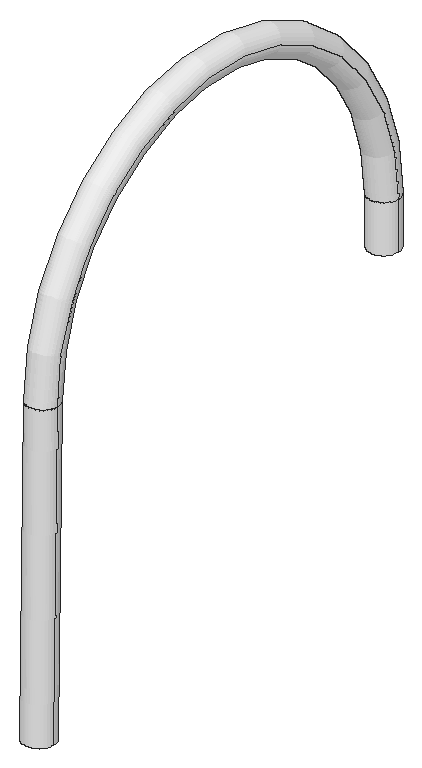
Revit family "Deca_Misturador monocomando de mesa para cozinha_Spin Gourmet_2281", category Plumbing Fixtures, host Face, Revit 2019
Family settings
  Host = Face
  Round Connector Dimension = Use Radius
  Part Type = Normal
  Cut with Voids When Loaded = No
  Shared = No
  Room Calculation Point = No
Parameters (values of type "2281.C_Cromado")
  Vazão na Pressão mín. (L/min) = "5 l/min"
  Vazão na Pressão máx. (L/min) = "10 l/min"
  URL = "www.deca.com.br"
  Tipo de rosca de saída = "-"
  Tipo de rosca de entrada = "BSP NBR 8133"
  Tipo de mecanismo utilizado = "Cartucho Monocomando"
  Tipo de dispositivo economizador = "Não"
  Segmento = "Banheiro Luxo"
  Saída de Esgoto = "-"
  Raio Água Quente = 7.5 mm  # constant formula
  Raio Água Fria = 7.5 mm  # constant formula
  Pressão mín. funcionamento = "10 MCA"
  Pressão mín. Aquec. Passagem = "18 MCA"
  Pressão mín. Aquec. Acúmulo = "10 MCA"
  Pressão máx. funcionamento = "40 MCA"
  Peso Líquido (Kg) = 3.52
  Norma = "Não Possui"
  Model = "2281.C"
  Material = Deca_Cromado
  Manufacturer = "Deca"
  Linha = "Spin Gorumet"
  Itens de Instalação = "-"
  Informações Complementares = "-"
  Diâmetro Água Quente = 2 * Raio Água Quente  # 15 mm
  Diâmetro Água Fria = 2 * Raio Água Fria  # 15 mm
  Description = "Misturador monocomando de mesa para cozinha"
  Default Elevation = 0 mm
  Código Pai = "2281"
  Criado por = "quattroD"
  Cores Componente = "-"
  Cor Secundária = "-"
  Cor Principal = "Cromado"
  Cor Interna = "-"
  Consumo = "-"
  Composição Componente = "-"
  Composição Básica = "Liga de Cobre (bronze e latão),Plásticos de Engenharia,Elastômeros"
  Composição Assento = "-"
  Composição Anel Vedação = "-"
  Categoria = "METAIS PARA COZINHA"
  Atendimento ao Cliente = "0800-0117073"
  Aprovado por = "quattroD"
  Acompanha o Produto = "Acompanha Ligação Flexivel"
Reference planes
  plane 1 "Center (Front/Back)": y = 0
  plane 2: z = 0
  plane 3 "Center (Left/Right)": x = 0
  plane 4: x = 28.499
  plane 5: x = -28.501
  plane 6: y = 28.5
  plane 7: y = -28.5
  plane 8: y = -202.451
Forms (mm)
  Sweep 1, solid, material "Deca_Cromado" <- "Material"
    path in 3D
      loop
        arc (0.073, -184.251, 438.123) -> (0.268, -89.001, 533.373) -> (0.464, 6.249, 438.123) r 95.25
    profile origin (0.268, -89.001, 533.373) x (-0.999998, 0.002054, 0) y (0, 0, 1)
      loop
        circle (0, -6.243) r 6.243
  Extrusion 2, solid, material "Deca_Cromado" <- "Material"
    sketch origin (0.464, 6.249, 438.123) x (0.999998, -0.002054, 0) y (-0.002054, -0.999998, 0)
      loop
        circle (0, 6.243) r 6.243
    from 0 to 19.898
  Sweep 3, solid, material "Deca_Cromado" <- "Material"
    path origin (0, 0, 0) x (0, 1, 0) y (0, 0, 1)
      loop
        line (-171.764, 438.123) -> (-173.698, 312.037)
    profile origin (0, -172.731, 375.08) x (0, 0.999882, -0.015332) y (1, 0, 0)
      loop
        spline (-6.255, 6.328) -> (-7.87, 6.112) -> (-9.374, 5.486) -> (-10.665, 4.491) -> (-11.654, 3.196) -> (-12.275, 1.689) -> (-12.484, 0.073) -> (-12.268, -1.543) -> (-11.642, -3.047) -> (-10.647, -4.338) -> (-9.352, -5.328) -> (-7.845, -5.948) -> (-6.229, -6.158)
        spline (-6.229, -6.158) -> (-4.614, -5.942) -> (-3.11, -5.315) -> (-1.819, -4.32) -> (-0.83, -3.025) -> (-0.209, -1.518) -> (0, 0.098) -> (-0.216, 1.714) -> (-0.843, 3.218) -> (-1.837, 4.509) -> (-3.132, 5.498) -> (-4.639, 6.119) -> (-6.255, 6.328)
Lines and regions (mm)
  Masking region 1
    outline origin (-528.113, -262.379, 0) x (1, 0, 0) y (0, 1, 0)
      loop
        line (522.181, 155.753) -> (522.085, 150.633)
        spline (522.085, 150.633) -> (518.373, 150.371) -> (516.618, 149.991) -> (515.439, 149.474) -> (514.538, 148.77) -> (513.944, 147.805) -> (513.817, 146.658) -> (514.239, 145.59) -> (514.958, 144.732) -> (516.016, 144.115) -> (517.442, 143.69) -> (519.182, 143.366) -> (522.069, 143.222)
        line (522.069, 143.222) -> (522.069, 141.107)
        spline (522.069, 141.107) -> (518.968, 140.461) -> (517.145, 139.867) -> (515.954, 139.25) -> (515.082, 138.602) -> (514.403, 137.889) -> (513.971, 136.926) -> (513.818, 135.784) -> (513.943, 134.744) -> (514.422, 133.818) -> (515.332, 132.936) -> (516.766, 132.028) -> (519.162, 131.29)
        spline (519.162, 131.29) -> (517.266, 130.34) -> (516.047, 129.584) -> (515.306, 128.942) -> (514.844, 128.332) -> (514.49, 127.684) -> (514.223, 126.978) -> (514.068, 126.211) -> (514.051, 125.377) -> (514.21, 124.467) -> (514.619, 123.456) -> (515.358, 122.319) -> (516.504, 121.027)
        spline (516.504, 121.027) -> (515.726, 120.164) -> (515.159, 119.393) -> (514.768, 118.692) -> (514.513, 118.037) -> (514.357, 117.406) -> (514.263, 116.775) -> (514.206, 116.122) -> (514.208, 115.425) -> (514.302, 114.664) -> (514.519, 113.817) -> (514.892, 112.863) -> (515.452, 111.782)
        spline (515.452, 111.782) -> (514.583, 110.227) -> (514.025, 108.917) -> (513.852, 107.709) -> (513.986, 106.564) -> (514.246, 105.519) -> (514.477, 104.598) -> (514.601, 103.795) -> (514.564, 103.073) -> (514.377, 102.251) -> (514.093, 101.083) -> (513.95, 99.167) -> (514.289, 96.015)
        spline (514.289, 96.015) -> (514.07, 94.603) -> (513.952, 93.512) -> (513.897, 92.654) -> (513.867, 91.944) -> (513.824, 91.292) -> (513.73, 90.614) -> (513.569, 89.839) -> (513.365, 88.931) -> (513.144, 87.858) -> (512.933, 86.586) -> (512.759, 85.081) -> (512.649, 83.311)
        arc (512.649, 83.311) -> (530.43, 59.928) -> (543.881, 86.044) r 17.367
        arc (543.881, 86.044) -> (544.214, 89.635) -> (543.683, 93.202) r 15.035
        arc (543.683, 93.202) -> (544.055, 96.317) -> (543.498, 99.404) r 10.586
        spline (543.498, 99.404) -> (543.611, 99.888) -> (543.703, 100.412) -> (543.773, 100.972) -> (543.819, 101.565) -> (543.842, 102.184) -> (543.839, 102.827) -> (543.811, 103.489) -> (543.756, 104.165) -> (543.674, 104.852) -> (543.564, 105.544) -> (543.425, 106.238) -> (543.255, 106.93)
        spline (543.255, 106.93) -> (543.531, 107.778) -> (543.711, 108.527) -> (543.814, 109.202) -> (543.858, 109.824) -> (543.86, 110.418) -> (543.837, 111.006) -> (543.799, 111.611) -> (543.727, 112.249) -> (543.603, 112.938) -> (543.406, 113.695) -> (543.116, 114.536) -> (542.713, 115.48)
        spline (542.713, 115.48) -> (543.154, 116.545) -> (543.483, 117.383) -> (543.695, 118.113) -> (543.796, 118.812) -> (543.812, 119.49) -> (543.772, 120.148) -> (543.692, 120.794) -> (543.569, 121.45) -> (543.395, 122.138) -> (543.153, 122.899) -> (542.782, 123.851) -> (542.211, 125.131)
        spline (542.211, 125.131) -> (542.797, 126.522) -> (543.176, 127.696) -> (543.393, 128.685) -> (543.492, 129.522) -> (543.516, 130.239) -> (543.478, 130.877) -> (543.383, 131.484) -> (543.231, 132.103) -> (543.022, 132.781) -> (542.689, 133.551) -> (542.123, 134.44) -> (541.214, 135.476)
        spline (541.214, 135.476) -> (542.415, 136.967) -> (543.098, 138.129) -> (543.443, 139.068) -> (543.6, 139.877) -> (543.621, 140.603) -> (543.535, 141.287) -> (543.362, 141.968) -> (543.093, 142.689) -> (542.718, 143.495) -> (542.162, 144.405) -> (541.194, 145.375) -> (539.556, 146.351)
        spline (539.556, 146.351) -> (541.451, 147.677) -> (542.641, 148.919) -> (543.37, 150.033) -> (543.716, 151.049) -> (543.717, 152.013) -> (543.46, 152.93) -> (543.035, 153.793) -> (542.454, 154.617) -> (541.693, 155.418) -> (540.694, 156.214) -> (539.201, 157.068) -> (536.569, 158.145)
        spline (536.569, 158.145) -> (539.32, 159.04) -> (540.944, 159.743) -> (542.227, 160.568) -> (543.164, 161.619) -> (543.562, 162.839) -> (543.372, 164.253) -> (542.883, 165.405) -> (542.077, 166.284) -> (540.866, 167.059) -> (539.328, 167.684) -> (537.343, 168.28) -> (534.622, 168.908)
        line (534.622, 168.908) -> (534.626, 170.904)
        spline (534.626, 170.904) -> (536.966, 171.357) -> (538.619, 171.706) -> (539.752, 171.974) -> (540.53, 172.186) -> (541.102, 172.366) -> (541.594, 172.539) -> (542.109, 172.735) -> (542.616, 173.007) -> (543.03, 173.398) -> (543.308, 173.905) -> (543.431, 174.63) -> (543.176, 175.908)
        line (543.176, 175.908) -> (550.363, 176.264) -> (550.363, 200.464) -> (547.011, 200.464)
        arc (547.011, 200.464) -> (547.095, 201.663) -> (547.111, 202.864) r 21
        line (547.111, 202.864) -> (549.113, 202.864) -> (549.113, 243.096)
        arc (549.113, 243.096) -> (528.113, 290.864) -> (507.113, 243.096) r 28.5
        line (507.113, 243.096) -> (507.113, 202.864) -> (509.113, 202.864)
        arc (509.113, 202.864) -> (509.133, 201.629) -> (509.222, 200.398) r 22.025
        line (509.222, 200.398) -> (505.863, 200.398) -> (505.863, 176.264) -> (522.133, 175.851) -> (522.133, 174.296)
        spline (522.133, 174.296) -> (518.64, 173.727) -> (516.586, 173.3) -> (515.378, 172.823) -> (514.634, 172.194) -> (514.165, 171.395) -> (513.902, 170.455) -> (513.884, 169.452) -> (514.198, 168.485) -> (514.974, 167.674) -> (516.372, 167.081) -> (518.654, 166.567) -> (522.106, 165.951)
        line (522.106, 165.951) -> (522.106, 161.079)
        spline (522.106, 161.079) -> (519.05, 161.029) -> (516.744, 160.97) -> (515.353, 160.822) -> (514.53, 160.475) -> (513.868, 159.819) -> (513.565, 158.822) -> (513.757, 157.708) -> (514.349, 156.806) -> (515.156, 156.267) -> (516.281, 156.022) -> (518.228, 155.901) -> (522.095, 155.709)
  Masking region 2
    outline origin (0, -784.12, -759.473) x (0, 1, 0) y (0, 0, 1)
      loop
        line (755.62, 759.473) -> (812.62, 759.473) -> (812.62, 762.596) -> (810.12, 762.596) -> (810.12, 856.073) -> (804.12, 856.073) -> (804.12, 857.473) -> (807.12, 857.473) -> (807.12, 873.473) -> (797.12, 873.473) -> (797.12, 1039.673) -> (800.62, 1039.673) -> (800.62, 1064.673) -> (798.911, 1064.673) -> (798.911, 1167.916)
        spline (798.911, 1167.916) -> (798.419, 1168.38) -> (797.971, 1168.75) -> (797.551, 1169.041) -> (797.148, 1169.269) -> (796.748, 1169.452) -> (796.338, 1169.605) -> (795.906, 1169.743) -> (795.45, 1169.875) -> (794.982, 1170) -> (794.514, 1170.116) -> (794.056, 1170.223) -> (793.62, 1170.32)
        line (793.62, 1170.32) -> (793.62, 1172.944)
        spline (793.62, 1172.944) -> (796.129, 1173.704) -> (797.53, 1174.424) -> (798.286, 1175.133) -> (798.68, 1175.863) -> (798.775, 1176.652) -> (798.638, 1177.465) -> (798.369, 1178.127) -> (797.977, 1178.59) -> (797.345, 1178.992) -> (796.199, 1179.453) -> (794.045, 1180.046) -> (790.368, 1180.839)
        arc (790.368, 1180.839) -> (790.355, 1181.699) -> (790.357, 1182.56) r 48.527
        spline (790.357, 1182.56) -> (793.626, 1183.053) -> (795.668, 1183.554) -> (797.006, 1184.079) -> (797.956, 1184.67) -> (798.591, 1185.408) -> (798.908, 1186.322) -> (798.842, 1187.361) -> (798.508, 1188.257) -> (797.978, 1188.833) -> (796.992, 1189.341) -> (794.807, 1189.974) -> (790.369, 1190.85)
        arc (790.369, 1190.85) -> (790.34, 1191.663) -> (790.369, 1192.475) r 11.546
        spline (790.369, 1192.475) -> (793.639, 1192.968) -> (795.68, 1193.469) -> (797.018, 1193.994) -> (797.968, 1194.586) -> (798.603, 1195.323) -> (798.92, 1196.237) -> (798.855, 1197.276) -> (798.52, 1198.172) -> (797.99, 1198.748) -> (797.004, 1199.256) -> (794.82, 1199.889) -> (790.381, 1200.765)
        arc (790.381, 1200.765) -> (790.274, 1202.926) -> (790.074, 1205.08) r 50.074
        spline (790.074, 1205.08) -> (793.266, 1205.975) -> (795.235, 1206.726) -> (796.501, 1207.413) -> (797.372, 1208.12) -> (797.913, 1208.932) -> (798.115, 1209.88) -> (797.921, 1210.906) -> (797.478, 1211.755) -> (796.879, 1212.263) -> (795.835, 1212.646) -> (793.584, 1213.005) -> (789.061, 1213.328)
        arc (789.061, 1213.328) -> (788.681, 1215.449) -> (788.253, 1217.561) r 95.25
        spline (788.253, 1217.561) -> (791.286, 1218.863) -> (793.13, 1219.864) -> (794.29, 1220.709) -> (795.057, 1221.52) -> (795.484, 1222.393) -> (795.559, 1223.356) -> (795.233, 1224.342) -> (794.684, 1225.123) -> (794.026, 1225.545) -> (792.945, 1225.786) -> (790.676, 1225.845) -> (786.169, 1225.569)
        arc (786.169, 1225.569) -> (785.508, 1227.636) -> (784.8, 1229.687) r 95.25
        spline (784.8, 1229.687) -> (787.667, 1231.423) -> (789.382, 1232.689) -> (790.429, 1233.702) -> (791.086, 1234.626) -> (791.393, 1235.564) -> (791.333, 1236.542) -> (790.866, 1237.489) -> (790.204, 1238.196) -> (789.483, 1238.529) -> (788.363, 1238.619) -> (786.072, 1238.359) -> (781.578, 1237.448)
        arc (781.578, 1237.448) -> (780.686, 1239.349) -> (779.78, 1241.243) r 278.261
        spline (779.78, 1241.243) -> (782.374, 1243.3) -> (783.897, 1244.754) -> (784.798, 1245.876) -> (785.327, 1246.863) -> (785.511, 1247.82) -> (785.331, 1248.772) -> (784.756, 1249.642) -> (784.02, 1250.253) -> (783.272, 1250.489) -> (782.162, 1250.438) -> (779.95, 1249.899) -> (775.659, 1248.448)
        arc (775.659, 1248.448) -> (774.485, 1250.262) -> (773.27, 1252.048) r 95.25
        spline (773.27, 1252.048) -> (775.568, 1254.429) -> (776.884, 1256.07) -> (777.628, 1257.3) -> (778.023, 1258.348) -> (778.078, 1259.321) -> (777.774, 1260.239) -> (777.09, 1261.025) -> (776.28, 1261.533) -> (775.508, 1261.668) -> (774.415, 1261.472) -> (772.295, 1260.646) -> (768.236, 1258.642)
        arc (768.236, 1258.642) -> (766.984, 1260.123) -> (765.706, 1261.581) r 111.635
        spline (765.706, 1261.581) -> (767.775, 1264.389) -> (768.922, 1266.287) -> (769.528, 1267.676) -> (769.794, 1268.826) -> (769.716, 1269.85) -> (769.27, 1270.767) -> (768.446, 1271.493) -> (767.529, 1271.911) -> (766.703, 1271.945) -> (765.589, 1271.587) -> (763.489, 1270.428) -> (759.527, 1267.769)
        arc (759.527, 1267.769) -> (757.913, 1269.217) -> (756.266, 1270.629) r 95.25
        spline (756.266, 1270.629) -> (757.86, 1273.532) -> (758.702, 1275.462) -> (759.097, 1276.846) -> (759.204, 1277.962) -> (759.002, 1278.916) -> (758.467, 1279.724) -> (757.6, 1280.304) -> (756.684, 1280.582) -> (755.903, 1280.51) -> (754.899, 1280.033) -> (753.067, 1278.679) -> (749.671, 1275.677)
        arc (749.671, 1275.677) -> (747.892, 1276.878) -> (746.098, 1278.056) r 176.468
        spline (746.098, 1278.056) -> (747.302, 1281.161) -> (747.884, 1283.197) -> (748.094, 1284.628) -> (748.052, 1285.755) -> (747.724, 1286.678) -> (747.083, 1287.412) -> (746.143, 1287.875) -> (745.193, 1288.03) -> (744.424, 1287.855) -> (743.487, 1287.246) -> (741.841, 1285.653) -> (738.856, 1282.211)
        arc (738.856, 1282.211) -> (736.958, 1283.169) -> (735.036, 1284.079) r 86.103
        spline (735.036, 1284.079) -> (735.821, 1287.322) -> (736.13, 1289.421) -> (736.15, 1290.871) -> (735.958, 1291.984) -> (735.511, 1292.858) -> (734.777, 1293.502) -> (733.782, 1293.837) -> (732.818, 1293.866) -> (732.077, 1293.59) -> (731.227, 1292.861) -> (729.804, 1291.062) -> (727.294, 1287.248)
        arc (727.294, 1287.248) -> (725.291, 1287.942) -> (723.273, 1288.591) r 95.25
        spline (723.273, 1288.591) -> (723.624, 1291.911) -> (723.653, 1294.033) -> (723.48, 1295.473) -> (723.144, 1296.552) -> (722.585, 1297.36) -> (721.772, 1297.902) -> (720.74, 1298.103) -> (719.78, 1298.004) -> (719.082, 1297.632) -> (718.336, 1296.798) -> (717.162, 1294.825) -> (715.176, 1290.711)
        arc (715.176, 1290.711) -> (713.114, 1291.131) -> (711.044, 1291.506) r 95.25
        spline (711.044, 1291.506) -> (710.953, 1294.859) -> (710.7, 1296.977) -> (710.338, 1298.389) -> (709.86, 1299.419) -> (709.196, 1300.149) -> (708.314, 1300.581) -> (707.26, 1300.644) -> (706.317, 1300.419) -> (705.671, 1299.956) -> (705.038, 1299.026) -> (704.13, 1296.905) -> (702.698, 1292.545)
        arc (702.698, 1292.545) -> (700.635, 1292.687) -> (698.569, 1292.784) r 95.25
        spline (698.569, 1292.784) -> (698.065, 1296.12) -> (697.552, 1298.203) -> (697.016, 1299.568) -> (696.411, 1300.537) -> (695.658, 1301.184) -> (694.726, 1301.507) -> (693.666, 1301.44) -> (692.752, 1301.099) -> (692.164, 1300.557) -> (691.647, 1299.551) -> (691.002, 1297.322) -> (690.11, 1292.792)
        arc (690.11, 1292.792) -> (688.054, 1292.7) -> (686, 1292.564) r 95.385
        spline (686, 1292.564) -> (685.095, 1295.805) -> (684.334, 1297.804) -> (683.637, 1299.09) -> (682.921, 1299.976) -> (682.097, 1300.525) -> (681.134, 1300.731) -> (680.093, 1300.536) -> (679.23, 1300.087) -> (678.714, 1299.479) -> (678.324, 1298.42) -> (677.958, 1296.135) -> (677.625, 1291.543)
        arc (677.625, 1291.543) -> (675.569, 1291.176) -> (673.522, 1290.764) r 95.25
        spline (673.522, 1290.764) -> (672.205, 1293.839) -> (671.193, 1295.71) -> (670.338, 1296.885) -> (669.517, 1297.664) -> (668.633, 1298.097) -> (667.657, 1298.174) -> (666.657, 1297.845) -> (665.865, 1297.29) -> (665.437, 1296.624) -> (665.191, 1295.529) -> (665.129, 1293.229) -> (665.403, 1288.661)
        arc (665.403, 1288.661) -> (663.391, 1288.019) -> (661.394, 1287.333) r 95.25
        spline (661.394, 1287.333) -> (659.686, 1290.202) -> (658.439, 1291.919) -> (657.438, 1292.97) -> (656.523, 1293.632) -> (655.591, 1293.944) -> (654.616, 1293.892) -> (653.67, 1293.435) -> (652.96, 1292.781) -> (652.623, 1292.066) -> (652.525, 1290.95) -> (652.766, 1288.667) -> (653.639, 1284.183)
        arc (653.639, 1284.183) -> (651.72, 1283.295) -> (649.816, 1282.377) r 130.464
        spline (649.816, 1282.377) -> (647.728, 1284.987) -> (646.255, 1286.519) -> (645.118, 1287.423) -> (644.119, 1287.954) -> (643.152, 1288.135) -> (642.192, 1287.949) -> (641.317, 1287.366) -> (640.703, 1286.62) -> (640.467, 1285.864) -> (640.523, 1284.744) -> (641.076, 1282.513) -> (642.558, 1278.187)
        arc (642.558, 1278.187) -> (640.758, 1277.071) -> (638.968, 1275.939) r 259.811
        spline (638.968, 1275.939) -> (636.542, 1278.229) -> (634.873, 1279.539) -> (633.624, 1280.275) -> (632.562, 1280.661) -> (631.581, 1280.706) -> (630.658, 1280.389) -> (629.874, 1279.69) -> (629.371, 1278.868) -> (629.243, 1278.088) -> (629.454, 1276.989) -> (630.31, 1274.86) -> (632.376, 1270.79)
        arc (632.376, 1270.79) -> (630.752, 1269.406) -> (629.16, 1267.986) r 95.25
        spline (629.16, 1267.986) -> (626.49, 1269.961) -> (624.685, 1271.056) -> (623.364, 1271.635) -> (622.269, 1271.89) -> (621.295, 1271.818) -> (620.42, 1271.395) -> (619.728, 1270.612) -> (619.329, 1269.739) -> (619.295, 1268.953) -> (619.634, 1267.892) -> (620.733, 1265.891) -> (623.259, 1262.115)
        arc (623.259, 1262.115) -> (621.824, 1260.521) -> (620.426, 1258.896) r 95.25
        spline (620.426, 1258.896) -> (617.538, 1260.52) -> (615.615, 1261.38) -> (614.234, 1261.79) -> (613.119, 1261.907) -> (612.163, 1261.714) -> (611.349, 1261.187) -> (610.761, 1260.325) -> (610.474, 1259.412) -> (610.538, 1258.63) -> (611.005, 1257.621) -> (612.342, 1255.775) -> (615.311, 1252.349)
        arc (615.311, 1252.349) -> (614.109, 1250.575) -> (612.983, 1248.752) r 51.078
        spline (612.983, 1248.752) -> (609.88, 1249.962) -> (607.846, 1250.549) -> (606.415, 1250.762) -> (605.288, 1250.722) -> (604.364, 1250.397) -> (603.628, 1249.758) -> (603.164, 1248.818) -> (603.006, 1247.868) -> (603.18, 1247.099) -> (603.786, 1246.161) -> (605.376, 1244.512) -> (608.811, 1241.519)
        arc (608.811, 1241.519) -> (607.855, 1239.627) -> (606.941, 1237.715) r 95.25
        spline (606.941, 1237.715) -> (603.706, 1238.506) -> (601.611, 1238.819) -> (600.164, 1238.842) -> (599.053, 1238.654) -> (598.179, 1238.209) -> (597.535, 1237.479) -> (597.198, 1236.486) -> (597.167, 1235.524) -> (597.441, 1234.784) -> (598.165, 1233.934) -> (599.959, 1232.509) -> (603.759, 1229.994)
        arc (603.759, 1229.994) -> (603.059, 1227.991) -> (602.405, 1225.972) r 95.25
        spline (602.405, 1225.972) -> (599.03, 1226.347) -> (596.871, 1226.389) -> (595.405, 1226.222) -> (594.306, 1225.886) -> (593.481, 1225.322) -> (592.925, 1224.499) -> (592.715, 1223.451) -> (592.81, 1222.473) -> (593.184, 1221.761) -> (594.028, 1220.997) -> (596.028, 1219.791) -> (600.201, 1217.748)
        arc (600.201, 1217.748) -> (599.8, 1215.758) -> (599.461, 1213.756) r 65.307
        spline (599.461, 1213.756) -> (596.132, 1213.675) -> (594.029, 1213.43) -> (592.627, 1213.075) -> (591.603, 1212.603) -> (590.876, 1211.946) -> (590.445, 1211.072) -> (590.379, 1210.026) -> (590.601, 1209.089) -> (591.058, 1208.447) -> (591.979, 1207.816) -> (594.082, 1206.909) -> (598.406, 1205.475)
        arc (598.406, 1205.475) -> (598.256, 1203.385) -> (598.152, 1201.293) r 95.25
        spline (598.152, 1201.293) -> (595.927, 1201.162) -> (594.236, 1201.021) -> (592.974, 1200.867) -> (592.035, 1200.696) -> (591.317, 1200.504) -> (590.75, 1200.282) -> (590.296, 1200.012) -> (589.916, 1199.679) -> (589.59, 1199.251) -> (589.315, 1198.681) -> (589.151, 1197.852) -> (589.33, 1196.449)
        line (589.33, 1196.449) -> (585.45, 1174.444)
        spline (585.45, 1174.444) -> (585.223, 1174.483) -> (585.014, 1174.52) -> (584.824, 1174.553) -> (584.654, 1174.582) -> (584.503, 1174.608) -> (584.371, 1174.631) -> (584.26, 1174.65) -> (584.169, 1174.666) -> (584.098, 1174.678) -> (584.047, 1174.686) -> (584.016, 1174.691) -> (584.005, 1174.692)
        line (584.005, 1174.692) -> (582.373, 1171.191) -> (581.573, 1166.656)
        arc (581.573, 1166.656) -> (582.271, 1163.224) -> (585.123, 1161.19) r 4.778
        line (585.123, 1161.19) -> (598.08, 1158.959) -> (598.08, 1071.51) -> (596.83, 1071.51) -> (596.83, 1069.51) -> (594.797, 1069.51)
        arc (594.797, 1069.51) -> (594.09, 1069.217) -> (593.797, 1068.51) r 1.001
        line (593.797, 1068.51) -> (593.459, 1058.391) -> (593.751, 1057.329) -> (593.751, 1039.617) -> (590.33, 1039.617) -> (590.33, 973.403)
        arc (590.33, 973.403) -> (586.305, 971.465) -> (584.735, 967.283) r 6
        arc (584.735, 967.283) -> (586.396, 963.271) -> (590.33, 961.43) r 6
        line (590.33, 961.43) -> (590.33, 926.917) -> (618.33, 926.917) -> (618.33, 983.117) -> (618.33, 1038.673) -> (620.62, 1038.673)
        arc (620.62, 1038.673) -> (621.327, 1038.966) -> (621.62, 1039.673) r 1
        line (621.62, 1039.673) -> (621.62, 1043.923) -> (767.62, 1043.923) -> (767.62, 1039.673) -> (771.12, 1039.673) -> (771.12, 873.473) -> (761.12, 873.473) -> (761.12, 857.473) -> (764.12, 857.473) -> (764.12, 856.073) -> (758.12, 856.073) -> (758.12, 838.873)
        arc (758.12, 838.873) -> (756.802, 835.691) -> (753.62, 834.373) r 4.5
        line (753.62, 834.373) -> (724.62, 834.373) -> (724.62, 832.271) -> (722.22, 832.271) -> (722.22, 835.623) -> (712.47, 835.623) -> (712.47, 901.573) -> (702.97, 901.573) -> (702.97, 835.623) -> (698.02, 835.623)
        arc (698.02, 835.623) -> (697.4, 813.373) -> (698.02, 791.123) r 400
        line (698.02, 791.123) -> (722.22, 791.123) -> (722.22, 794.476) -> (724.62, 794.476) -> (724.62, 792.373) -> (753.62, 792.373)
        arc (753.62, 792.373) -> (756.802, 791.055) -> (758.12, 787.873) r 4.5
        line (758.12, 787.873) -> (758.12, 762.596) -> (755.62, 762.596) -> (755.62, 759.473)
      loop
        spline (777.869, 1197.342) -> (773.153, 1198.189) -> (771.121, 1198.819) -> (770.281, 1199.422) -> (769.6, 1200.155) -> (769.078, 1201.078) -> (768.864, 1202.021) -> (769.035, 1202.824) -> (769.522, 1203.551) -> (770.366, 1204.26) -> (771.698, 1204.995) -> (773.872, 1205.848) -> (777.341, 1206.931)
        arc (777.341, 1206.931) -> (777.254, 1207.557) -> (777.238, 1208.189) r 5.597
        spline (777.238, 1208.189) -> (772.405, 1208.387) -> (770.285, 1208.736) -> (769.362, 1209.223) -> (768.58, 1209.863) -> (767.93, 1210.714) -> (767.586, 1211.628) -> (767.646, 1212.454) -> (768.034, 1213.249) -> (768.78, 1214.074) -> (770.011, 1214.993) -> (772.068, 1216.146) -> (775.388, 1217.708)
        line (775.388, 1217.708) -> (775.049, 1219.017)
        spline (775.049, 1219.017) -> (770.264, 1218.598) -> (768.133, 1218.674) -> (767.162, 1219.036) -> (766.311, 1219.567) -> (765.563, 1220.323) -> (765.108, 1221.179) -> (765.063, 1222) -> (765.344, 1222.832) -> (765.974, 1223.739) -> (767.07, 1224.8) -> (768.949, 1226.196) -> (772.02, 1228.155)
        line (772.02, 1228.155) -> (771.382, 1229.305)
        spline (771.382, 1229.305) -> (766.637, 1228.326) -> (764.493, 1228.152) -> (763.478, 1228.402) -> (762.563, 1228.834) -> (761.725, 1229.504) -> (761.17, 1230.309) -> (761.028, 1231.126) -> (761.212, 1231.992) -> (761.737, 1232.974) -> (762.711, 1234.166) -> (764.43, 1235.785) -> (767.278, 1238.106)
        spline (767.278, 1238.106) -> (762.138, 1236.259) -> (759.772, 1235.723) -> (758.599, 1235.84) -> (757.509, 1236.177) -> (756.468, 1236.791) -> (755.719, 1237.601) -> (755.431, 1238.491) -> (755.499, 1239.487) -> (755.929, 1240.667) -> (756.826, 1242.152) -> (758.487, 1244.232) -> (761.296, 1247.277)
        line (761.296, 1247.277) -> (760.521, 1248.285)
        spline (760.521, 1248.285) -> (756.27, 1245.981) -> (754.271, 1245.197) -> (753.229, 1245.143) -> (752.23, 1245.292) -> (751.237, 1245.69) -> (750.474, 1246.299) -> (750.103, 1247.039) -> (750.029, 1247.92) -> (750.247, 1249.01) -> (750.834, 1250.429) -> (752.01, 1252.471) -> (754.062, 1255.511)
        line (754.062, 1255.511) -> (753.184, 1256.555)
        spline (753.184, 1256.555) -> (749.238, 1253.815) -> (747.35, 1252.822) -> (746.326, 1252.654) -> (745.324, 1252.692) -> (744.299, 1252.977) -> (743.479, 1253.495) -> (743.032, 1254.185) -> (742.863, 1255.046) -> (742.959, 1256.147) -> (743.383, 1257.613) -> (744.321, 1259.758) -> (746.015, 1262.984)
        line (746.015, 1262.984) -> (744.862, 1263.727)
        spline (744.862, 1263.727) -> (741.32, 1260.482) -> (739.583, 1259.245) -> (738.591, 1258.941) -> (737.593, 1258.844) -> (736.539, 1258.989) -> (735.657, 1259.392) -> (735.121, 1260.016) -> (734.838, 1260.847) -> (734.786, 1261.95) -> (735.01, 1263.459) -> (735.651, 1265.711) -> (736.896, 1269.135)
        line (736.896, 1269.135) -> (735.669, 1269.73)
        spline (735.669, 1269.73) -> (732.631, 1266.025) -> (731.09, 1264.557) -> (730.154, 1264.117) -> (729.182, 1263.88) -> (728.121, 1263.874) -> (727.193, 1264.147) -> (726.576, 1264.687) -> (726.179, 1265.468) -> (725.971, 1266.55) -> (725.978, 1268.072) -> (726.293, 1270.386) -> (727.037, 1273.943)
        line (727.037, 1273.943) -> (725.749, 1274.469)
        spline (725.749, 1274.469) -> (723.242, 1270.419) -> (721.917, 1268.77) -> (721.053, 1268.213) -> (720.125, 1267.852) -> (719.081, 1267.706) -> (718.131, 1267.853) -> (717.451, 1268.304) -> (716.957, 1269.021) -> (716.61, 1270.06) -> (716.418, 1271.561) -> (716.423, 1273.883) -> (716.69, 1277.486)
        arc (716.69, 1277.486) -> (716.009, 1277.683) -> (715.313, 1277.816) r 7.599
        spline (715.313, 1277.816) -> (713.354, 1273.487) -> (712.256, 1271.685) -> (711.473, 1271.024) -> (710.602, 1270.547) -> (709.589, 1270.268) -> (708.63, 1270.292) -> (707.899, 1270.65) -> (707.319, 1271.296) -> (706.842, 1272.279) -> (706.458, 1273.738) -> (706.164, 1276.035) -> (705.964, 1279.633)
        arc (705.964, 1279.633) -> (705.243, 1279.748) -> (704.521, 1279.85) r 41.196
        spline (704.521, 1279.85) -> (703.19, 1275.311) -> (702.357, 1273.383) -> (701.677, 1272.622) -> (700.884, 1272.031) -> (699.923, 1271.616) -> (698.975, 1271.506) -> (698.205, 1271.759) -> (697.543, 1272.315) -> (696.937, 1273.218) -> (696.356, 1274.603) -> (695.748, 1276.827) -> (695.052, 1280.347)
        arc (695.052, 1280.347) -> (694.364, 1280.299) -> (693.675, 1280.333) r 5.794
        spline (693.675, 1280.333) -> (692.818, 1275.636) -> (692.185, 1273.612) -> (691.582, 1272.777) -> (690.849, 1272.1) -> (689.928, 1271.582) -> (688.987, 1271.371) -> (688.188, 1271.543) -> (687.465, 1272.032) -> (686.761, 1272.874) -> (686.032, 1274.204) -> (685.187, 1276.373) -> (684.117, 1279.832)
        arc (684.117, 1279.832) -> (683.391, 1279.769) -> (682.698, 1279.546) r 3.273
        spline (682.698, 1279.546) -> (682.421, 1274.816) -> (682.043, 1272.746) -> (681.55, 1271.85) -> (680.91, 1271.095) -> (680.066, 1270.473) -> (679.164, 1270.152) -> (678.356, 1270.225) -> (677.585, 1270.618) -> (676.79, 1271.363) -> (675.91, 1272.585) -> (674.816, 1274.619) -> (673.344, 1277.897)
        arc (673.344, 1277.897) -> (672.665, 1277.69) -> (671.986, 1277.487) r 165.074
        spline (671.986, 1277.487) -> (672.376, 1272.697) -> (672.288, 1270.565) -> (671.92, 1269.596) -> (671.384, 1268.747) -> (670.623, 1268.003) -> (669.764, 1267.554) -> (668.942, 1267.513) -> (668.112, 1267.799) -> (667.208, 1268.435) -> (666.152, 1269.538) -> (664.767, 1271.426) -> (662.825, 1274.51)
        arc (662.825, 1274.51) -> (662.198, 1274.263) -> (661.572, 1274.01) r 77.407
        spline (661.572, 1274.01) -> (662.607, 1269.357) -> (662.81, 1267.25) -> (662.58, 1266.247) -> (662.169, 1265.34) -> (661.523, 1264.506) -> (660.739, 1263.947) -> (659.937, 1263.796) -> (659.082, 1263.964) -> (658.108, 1264.466) -> (656.921, 1265.406) -> (655.302, 1267.073) -> (652.975, 1269.84)
        arc (652.975, 1269.84) -> (652.349, 1269.49) -> (651.73, 1269.13) r 43.365
        spline (651.73, 1269.13) -> (653.369, 1264.66) -> (653.849, 1262.601) -> (653.754, 1261.578) -> (653.466, 1260.626) -> (652.937, 1259.715) -> (652.235, 1259.059) -> (651.461, 1258.802) -> (650.593, 1258.856) -> (649.562, 1259.224) -> (648.263, 1259.997) -> (646.44, 1261.434) -> (643.771, 1263.865)
        arc (643.771, 1263.865) -> (643.22, 1263.449) -> (642.672, 1263.029) r 82.75
        spline (642.672, 1263.029) -> (644.896, 1258.798) -> (645.646, 1256.812) -> (645.687, 1255.782) -> (645.527, 1254.796) -> (645.121, 1253.819) -> (644.509, 1253.073) -> (643.773, 1252.715) -> (642.902, 1252.654) -> (641.827, 1252.883) -> (640.431, 1253.481) -> (638.427, 1254.669) -> (635.449, 1256.735)
        arc (635.449, 1256.735) -> (634.746, 1256.009) -> (634.047, 1255.281) r 280.308
        spline (634.047, 1255.281) -> (636.629, 1251.638) -> (637.569, 1249.892) -> (637.734, 1248.943) -> (637.707, 1248.011) -> (637.452, 1247.056) -> (636.978, 1246.289) -> (636.341, 1245.867) -> (635.542, 1245.702) -> (634.518, 1245.782) -> (633.152, 1246.163) -> (631.149, 1247.015) -> (628.136, 1248.56)
        arc (628.136, 1248.56) -> (627.657, 1248.053) -> (627.29, 1247.459) r 3.447
        spline (627.29, 1247.459) -> (630.548, 1243.956) -> (631.794, 1242.235) -> (632.104, 1241.25) -> (632.208, 1240.256) -> (632.073, 1239.206) -> (631.678, 1238.324) -> (631.06, 1237.785) -> (630.235, 1237.497) -> (629.137, 1237.437) -> (627.631, 1237.648) -> (625.384, 1238.269) -> (621.964, 1239.483)
        arc (621.964, 1239.483) -> (621.607, 1238.868) -> (621.255, 1238.25) r 82.75
        spline (621.255, 1238.25) -> (624.927, 1235.227) -> (626.381, 1233.695) -> (626.816, 1232.765) -> (627.049, 1231.8) -> (627.054, 1230.747) -> (626.781, 1229.826) -> (626.244, 1229.214) -> (625.468, 1228.822) -> (624.394, 1228.617) -> (622.883, 1228.627) -> (620.586, 1228.944) -> (617.057, 1229.69)
        arc (617.057, 1229.69) -> (616.794, 1229.058) -> (616.537, 1228.424) r 82.75
        spline (616.537, 1228.424) -> (620.586, 1225.903) -> (622.235, 1224.572) -> (622.79, 1223.705) -> (623.149, 1222.776) -> (623.293, 1221.73) -> (623.143, 1220.779) -> (622.689, 1220.099) -> (621.97, 1219.607) -> (620.929, 1219.262) -> (619.426, 1219.072) -> (617.1, 1219.084) -> (613.493, 1219.359)
        arc (613.493, 1219.359) -> (613.311, 1218.681) -> (613.135, 1218.002) r 82.75
        spline (613.135, 1218.002) -> (617.466, 1216.045) -> (619.268, 1214.948) -> (619.93, 1214.165) -> (620.407, 1213.294) -> (620.686, 1212.28) -> (620.664, 1211.321) -> (620.305, 1210.59) -> (619.66, 1210.009) -> (618.677, 1209.532) -> (617.217, 1209.147) -> (614.92, 1208.853) -> (611.322, 1208.651)
        arc (611.322, 1208.651) -> (611.23, 1207.95) -> (611.145, 1207.248) r 82.75
        spline (611.145, 1207.248) -> (615.69, 1205.881) -> (617.619, 1205.031) -> (618.378, 1204.343) -> (618.965, 1203.544) -> (619.375, 1202.577) -> (619.478, 1201.624) -> (619.22, 1200.854) -> (618.657, 1200.194) -> (617.747, 1199.591) -> (616.352, 1199.018) -> (614.116, 1198.425) -> (610.58, 1197.751)
        arc (610.58, 1197.751) -> (610.472, 1196.099) -> (610.58, 1194.447) r 12.689
        arc (610.58, 1194.447) -> (614.595, 1193.287) -> (618.065, 1190.957) r 13.533
        line (618.065, 1190.957) -> (614.258, 1169.365)
        spline (614.258, 1169.365) -> (614.557, 1169.312) -> (614.831, 1169.263) -> (615.081, 1169.218) -> (615.306, 1169.178) -> (615.505, 1169.142) -> (615.678, 1169.111) -> (615.825, 1169.085) -> (615.946, 1169.063) -> (616.04, 1169.046) -> (616.107, 1169.033) -> (616.148, 1169.025) -> (616.161, 1169.022)
        line (616.161, 1169.022) -> (616.498, 1165.173) -> (615.699, 1160.638)
        arc (615.699, 1160.638) -> (613.897, 1157.712) -> (610.58, 1156.815) r 4.663
        line (610.58, 1156.815) -> (610.58, 1071.51) -> (611.83, 1071.51) -> (611.83, 1069.51) -> (613.863, 1069.51)
        arc (613.863, 1069.51) -> (614.558, 1069.229) -> (614.862, 1068.544) r 1
        line (614.862, 1068.544) -> (615.191, 1058.673) -> (620.62, 1058.673)
        arc (620.62, 1058.673) -> (621.327, 1058.38) -> (621.62, 1057.673) r 1
        line (621.62, 1057.673) -> (621.604, 1053.423) -> (767.62, 1053.423) -> (767.62, 1064.673) -> (769.632, 1064.673) -> (769.632, 1167.916) -> (769.685, 1169.282)
        arc (769.685, 1169.282) -> (769.397, 1170.09) -> (769.166, 1170.916) r 12.186
        arc (769.166, 1170.916) -> (769.332, 1172.737) -> (770.574, 1174.079) r 2.838
        arc (770.574, 1174.079) -> (772.535, 1174.9) -> (774.62, 1175.316) r 10.685
        arc (774.62, 1175.316) -> (774.657, 1176.697) -> (774.62, 1178.078) r 25.585
        arc (774.62, 1178.078) -> (773.909, 1178.166) -> (773.212, 1178.327) r 6.884
        spline (773.212, 1178.327) -> (770.868, 1179.038) -> (769.983, 1179.688) -> (769.433, 1180.43) -> (769.122, 1181.362) -> (769.187, 1182.256) -> (769.513, 1183.069) -> (770.106, 1183.782) -> (770.852, 1184.283) -> (771.638, 1184.617) -> (772.665, 1184.889) -> (774.464, 1185.239) -> (777.869, 1185.844)
        line (777.869, 1185.844) -> (777.818, 1187.443)
        spline (777.818, 1187.443) -> (773.373, 1188.313) -> (771.515, 1188.762) -> (770.56, 1189.216) -> (769.845, 1189.848) -> (769.24, 1190.854) -> (769.137, 1191.987) -> (769.464, 1192.996) -> (770.187, 1193.862) -> (771.107, 1194.421) -> (772.16, 1194.781) -> (773.957, 1195.157) -> (777.869, 1195.856)
        arc (777.869, 1195.856) -> (777.871, 1196.599) -> (777.869, 1197.342) r 123.399
  Masking region 3
    outline origin (-934.522, 0, -855.091) x (1, 0, 0) y (0, 0, 1)
      loop
        line (927.795, 1303.309) -> (927.795, 1300.816)
        spline (927.795, 1300.816) -> (926.118, 1300.365) -> (924.437, 1299.757) -> (923.027, 1299.127) -> (921.993, 1298.547) -> (921.226, 1298.001) -> (920.608, 1297.465) -> (920.118, 1296.865) -> (919.794, 1296.096) -> (919.713, 1295.115) -> (919.998, 1293.957) -> (920.756, 1292.714) -> (922.047, 1291.633)
        line (922.047, 1291.633) -> (919.933, 1291.448) -> (919.933, 1274.035) -> (918.795, 1274.035) -> (917.795, 1271.035) -> (917.795, 1265.21)
        arc (917.795, 1265.21) -> (918.336, 1263.345) -> (919.492, 1261.784) r 5.502
        line (919.492, 1261.784) -> (919.492, 1160.291) -> (918.021, 1160.291) -> (918.021, 1135.291) -> (919.021, 1135.291)
        arc (919.021, 1135.291) -> (919.314, 1134.584) -> (920.021, 1134.291) r 1
        line (920.021, 1134.291) -> (920.795, 1133.93) -> (920.795, 1078.377) -> (920.795, 1022.535) -> (921.521, 1022.196) -> (921.521, 969.091) -> (911.521, 969.091) -> (911.521, 953.091) -> (914.521, 953.091) -> (914.521, 951.691) -> (908.521, 951.691) -> (908.521, 858.214)
        arc (908.521, 858.214) -> (908.17, 857.214) -> (907.271, 856.653) r 1.6
        arc (907.271, 856.653) -> (906.372, 856.091) -> (906.021, 855.091) r 1.6
        line (906.021, 855.091) -> (963.021, 855.091)
        arc (963.021, 855.091) -> (962.67, 856.091) -> (961.771, 856.653) r 1.6
        arc (961.771, 856.653) -> (960.872, 857.214) -> (960.521, 858.214) r 1.6
        line (960.521, 858.214) -> (960.521, 951.691) -> (954.521, 951.691) -> (954.521, 953.091) -> (957.521, 953.091) -> (957.521, 969.091) -> (947.521, 969.091) -> (947.521, 1022.535) -> (948.795, 1022.535) -> (948.795, 1079.725) -> (948.795, 1134.317)
        arc (948.795, 1134.317) -> (949.643, 1134.508) -> (950.021, 1135.291) r 1
        line (950.021, 1135.291) -> (951.021, 1135.291) -> (951.021, 1160.291) -> (950.168, 1160.291) -> (950.168, 1261.784)
        arc (950.168, 1261.784) -> (951.324, 1263.345) -> (951.865, 1265.21) r 5.502
        line (951.865, 1265.21) -> (951.865, 1271.035) -> (950.865, 1274.035) -> (950.168, 1274.504) -> (950.168, 1294.094) -> (941.795, 1293.361) -> (941.795, 1296.544)
        arc (941.795, 1296.544) -> (945.125, 1297.242) -> (948.178, 1298.742) r 13.644
        arc (948.178, 1298.742) -> (949.009, 1299.566) -> (949.628, 1300.559) r 5.039
        arc (949.628, 1300.559) -> (949.976, 1303.159) -> (948.76, 1305.483) r 4.331
        arc (948.76, 1305.483) -> (945.55, 1307.847) -> (941.795, 1309.186) r 13.69
        line (941.795, 1309.186) -> (942.673, 1309.897)
        arc (942.673, 1309.897) -> (945.211, 1311.071) -> (947.452, 1312.743) r 13.485
        arc (947.452, 1312.743) -> (949.597, 1315.036) -> (949.975, 1318.153) r 5.056
        arc (949.975, 1318.153) -> (948.481, 1321.573) -> (945.69, 1324.05) r 8.683
        arc (945.69, 1324.05) -> (949.173, 1327.301) -> (950.084, 1331.978) r 7.717
        arc (950.084, 1331.978) -> (949.174, 1335.054) -> (947.309, 1337.664) r 9.694
        arc (947.309, 1337.664) -> (948.787, 1340.075) -> (949.777, 1342.724) r 14.715
        arc (949.777, 1342.724) -> (949.946, 1346.615) -> (948.456, 1350.215) r 9.009
        arc (948.456, 1350.215) -> (950.136, 1355.442) -> (949.231, 1360.858) r 11.635
        arc (949.231, 1360.858) -> (950.215, 1364.846) -> (949.795, 1368.932) r 11.989
        arc (949.795, 1368.932) -> (950.183, 1372.367) -> (949.795, 1375.802) r 15.398
        arc (949.795, 1375.802) -> (950.203, 1377.636) -> (950.112, 1379.513) r 7.055
        arc (950.112, 1379.513) -> (950.012, 1383.187) -> (949.095, 1386.747) r 16.392
        arc (949.095, 1386.747) -> (946.526, 1391.119) -> (942.667, 1394.408) r 15.261
        arc (942.667, 1394.408) -> (937.949, 1396.26) -> (932.886, 1396.487) r 15.456
        arc (932.886, 1396.487) -> (928.351, 1395.192) -> (924.444, 1392.55) r 14.97
        arc (924.444, 1392.55) -> (921.457, 1388.787) -> (919.691, 1384.318) r 16.373
        arc (919.691, 1384.318) -> (919.382, 1381.628) -> (919.691, 1378.938) r 11.847
        arc (919.691, 1378.938) -> (919.428, 1375.951) -> (919.843, 1372.982) r 13.228
        arc (919.843, 1372.982) -> (919.381, 1369.283) -> (920.088, 1365.623) r 11.884
        spline (920.088, 1365.623) -> (920.051, 1365.321) -> (919.958, 1364.771) -> (919.836, 1364.043) -> (919.712, 1363.211) -> (919.611, 1362.347) -> (919.558, 1361.508) -> (919.562, 1360.684) -> (919.631, 1359.849) -> (919.771, 1358.977) -> (919.988, 1358.041) -> (920.29, 1357.014) -> (920.683, 1355.87)
        spline (920.683, 1355.87) -> (920.356, 1355.107) -> (920.061, 1354.28) -> (919.816, 1353.398) -> (919.636, 1352.475) -> (919.533, 1351.517) -> (919.516, 1350.531) -> (919.591, 1349.522) -> (919.769, 1348.496) -> (920.057, 1347.461) -> (920.472, 1346.426) -> (921.029, 1345.403) -> (921.744, 1344.401)
        spline (921.744, 1344.401) -> (920.468, 1342.432) -> (919.825, 1341.116) -> (919.541, 1340.129) -> (919.452, 1339.253) -> (919.496, 1338.381) -> (919.623, 1337.439) -> (919.804, 1336.494) -> (920.026, 1335.643) -> (920.329, 1334.85) -> (920.793, 1333.984) -> (921.577, 1332.881) -> (923.017, 1331.309)
        spline (923.017, 1331.309) -> (921.527, 1329.819) -> (920.621, 1328.865) -> (920.05, 1327.933) -> (919.681, 1326.755) -> (919.532, 1325.392) -> (919.627, 1323.973) -> (919.985, 1322.647) -> (920.551, 1321.494) -> (921.246, 1320.544) -> (922.126, 1319.615) -> (923.399, 1318.438) -> (925.877, 1316.965)
        spline (925.877, 1316.965) -> (923.383, 1315.883) -> (921.833, 1314.852) -> (920.912, 1313.855) -> (920.248, 1312.74) -> (919.886, 1311.38) -> (919.769, 1309.982) -> (919.983, 1308.67) -> (920.661, 1307.436) -> (921.561, 1306.345) -> (922.71, 1305.41) -> (924.53, 1304.529) -> (927.795, 1303.309)
  sketch lines
    curve 1: arc (0.073, -184.251, 438.123) -> (0.268, -89.001, 533.373) -> (0.464, 6.249, 438.123) r 95.25
  symbolic lines
    curve 2: line (-13.824, -166.364, 0) -> (-12.661, -150.597, 0)
    curve 3: line (-12.661, -150.597, 0) -> (-11.609, -141.352, 0)
    curve 4: line (-11.609, -141.352, 0) -> (-8.951, -131.09, 0)
    curve 5: line (-8.951, -131.09, 0) -> (-6.044, -121.273, 0)
    curve 6: line (-6.044, -119.157, 0) -> (-6.029, -111.746, 0)
    curve 7: line (-6.018, -106.67, 0) -> (-6.007, -101.3, 0)
    curve 8: line (-6.007, -96.429, 0) -> (-6.284, -88.143, 0)
    curve 9: line (-6.007, -101.3, 0) -> (-6.007, -93.05, 0)
    curve 10: line (6.513, -91.475, 0) -> (6.509, -93.471, 0)
    curve 11: line (6.509, -93.471, 0) -> (8.456, -104.234, 0)
    curve 12: line (8.456, -104.234, 0) -> (11.443, -116.029, 0)
    curve 13: line (11.443, -116.029, 0) -> (13.101, -126.903, 0)
    curve 14: line (13.101, -126.903, 0) -> (14.098, -137.248, 0)
    curve 15: line (14.098, -137.248, 0) -> (14.599, -146.9, 0)
    curve 16: line (14.599, -146.9, 0) -> (15.142, -155.449, 0)
    curve 17: line (15.142, -155.449, 0) -> (15.385, -162.976, 0)
    curve 18: line (-13.824, -166.364, 0) -> (-15.464, -179.068, 0)
    curve 19: line (-6.044, -126.376, 0) -> (-6.044, -119.157, 0)
    curve 20: line (-5.932, -114.197, 0) -> (-5.932, -106.626, 0)
    curve 21: line (6.47, -112.536, 0) -> (6.47, -104.868, 0)
    curve 22: line (6.496, -99.578, 0) -> (6.509, -93.471, 0)
    curve 23: line (6.459, -117.802, 0) -> (6.459, -124.945, 0)
    curve 24: line (6.433, -130.309, 0) -> (6.433, -136.907, 0)
    curve 25: line (6.409, -142.283, 0) -> (6.409, -147.283, 0)
    curve 26: line (-6.093, -143.347, 0) -> (-6.093, -149.197, 0)
    curve 27: line (-6.069, -131.588, 0) -> (-6.069, -138.319, 0)
    curve 28: line (-5.98, -88.083, 0) -> (-5.98, -80.041, 0)
    curve 29: line (6.524, -86.529, 0) -> (6.524, -78.29, 0)
    curve 30: line (6.55, -73.308, 0) -> (6.55, -65.418, 0)
    curve 31: line (-5.953, -74.974, 0) -> (-5.953, -67.166, 0)
    curve 32: line (-5.926, -61.982, 0) -> (-5.926, -54.686, 0)
    curve 33: line (6.577, -60.416, 0) -> (6.577, -53.01, 0)
    curve 34: line (-5.9, -49.399, 0) -> (-5.9, -43.088, 0)
    curve 35: line (6.602, -47.974, 0) -> (6.602, -41.367, 0)
    curve 36: line (6.647, -36.233, 0) -> (6.647, -30.306, 0)
    curve 37: line (-5.876, -37.481, 0) -> (-5.876, -31.781, 0)
    curve 38: line (6.513, -91.475, 0) -> (6.524, -83.239, 0)
    curve 39: line (6.524, -78.29, 0) -> (6.55, -72.987, 0)
    curve 40: line (-5.98, -86.14, 0) -> (-5.953, -74.974, 0)
    curve 41: line (-7.674, -75.38, 0) -> (-10.736, -63.805, 0)
    curve 42: line (-10.736, -63.805, 0) -> (-12.23, -52.749, 0)
    curve 43: line (-12.23, -52.749, 0) -> (-13.119, -42.383, 0)
    curve 44: line (-13.119, -42.383, 0) -> (-13.717, -32.832, 0)
    curve 45: line (-13.717, -32.832, 0) -> (-14.14, -24.24, 0)
    curve 46: line (-14.14, -24.24, 0) -> (-14.44, -16.811, 0)
    curve 47: line (-14.44, -16.811, 0) -> (-14.969, -6.956, 0)
    curve 48: line (6.55, -67.862, 0) -> (6.577, -60.416, 0)
    curve 49: line (6.577, -58.292, 0) -> (10.039, -48.502, 0)
    curve 50: line (10.039, -48.502, 0) -> (12.299, -38.127, 0)
    curve 51: line (12.299, -38.127, 0) -> (13.625, -29.129, 0)
    curve 52: line (13.625, -29.129, 0) -> (14.279, -21.003, 0)
    curve 53: arc (14.279, -21.003, 0) -> (15.068, -17.549, 0) -> (14.553, -14.044, 0) r 9.618
    curve 54: arc (14.553, -14.044, 0) -> (15.038, -10.495, 0) -> (14.989, -6.914, 0) r 23.97
    curve 55: arc (14.989, -6.914, 0) -> (-0.023, 16.485, 0) -> (-14.969, -6.956, 0) r 16.5
    curve 56: line (-5.853, -26.413, 0) -> (-5.853, -22.015, 0)
    curve 57: line (6.649, -25.263, 0) -> (6.649, -20.859, 0)
    curve 58: line (6.669, -15.521, 0) -> (6.669, -12.483, 0)
    curve 59: line (-5.833, -16.363, 0) -> (-5.833, -13.118, 0)
    curve 60: line (-5.815, -7.528, 0) -> (-5.815, -5.829, 0)
    curve 61: line (6.687, -6.926, 0) -> (6.687, -5.315, 0)
    curve 62: arc (-13.15, -2.832, 0) -> (0.049, 6.134, 0) -> (14.114, -1.404, 0) r 15.406
    curve 63: arc (-13.442, 3.512, 0) -> (-1.345, 11.541, 0) -> (12.156, 6.202, 0) r 15.682
    curve 64: line (-6.116, -154.22, 0) -> (-6.116, -158.756, 0)
    curve 65: line (6.386, -153.391, 0) -> (6.386, -157.779, 0)
    curve 66: line (6.365, -163.475, 0) -> (6.365, -166.572, 0)
    curve 67: line (-6.136, -164.063, 0) -> (-6.136, -167.035, 0)
    curve 68: line (-6.229, -172.667, 0) -> (-6.229, -174.285, 0)
    curve 69: line (6.347, -172.36, 0) -> (6.347, -174.285, 0)
    curve 70: arc (-12.384, -177.036, 0) -> (0.116, -184.555, 0) -> (12.616, -177.036, 0) r 14.15
    curve 71: arc (-13.259, -181.558, 0) -> (0.597, -190.867, 0) -> (14.453, -181.558, 0) r 14.966
    curve 72: arc (-15.464, -179.068, 0) -> (2.317, -202.451, 0) -> (15.768, -176.336, 0) r 17.367
    curve 73: arc (15.385, -162.976, 0) -> (15.942, -166.063, 0) -> (15.57, -169.177, 0) r 10.586
    curve 74: arc (15.57, -169.177, 0) -> (16.101, -172.745, 0) -> (15.768, -176.336, 0) r 15.035
    curve 75: line (-10.932, -104.868, 0) -> (6.503, -96.589, 0)
    curve 76: line (-6.007, -94.557, 0) -> (6.524, -83.239, 0)
    curve 77: line (-5.98, -84.062, 0) -> (14.942, -75.091, 0)
    curve 78: line (-5.953, -73.308, 0) -> (6.55, -66.774, 0)
    curve 79: line (-8.485, -62.8, 0) -> (6.577, -55.868, 0)
    curve 80: line (-10.643, -50.905, 0) -> (6.602, -46.712, 0)
    curve 81: line (-11.229, -40.314, 0) -> (10.405, -37.481, 0)
    curve 82: line (-11.748, -30.306, 0) -> (11.632, -27.086, 0)
    curve 83: line (-11.748, -20.859, 0) -> (11.232, -17.941, 0)
    curve 84: line (-12.613, -12.483, 0) -> (12.145, -10.586, 0)
    curve 85: line (-6.347, -112.536, 0) -> (6.47, -105.87, 0)
    curve 86: line (-6.044, -123.143, 0) -> (8.772, -116.814, 0)
    curve 87: line (-6.069, -133.227, 0) -> (10.388, -128.763, 0)
    curve 88: line (-8.412, -142.966, 0) -> (11.753, -139.522, 0)
    curve 89: line (-10.7, -152.486, 0) -> (12.492, -149.656, 0)
    curve 90: line (-11.003, -161.426, 0) -> (13.22, -158.756, 0)
    curve 91: line (-5.98, -86.529, 0) -> (-22.25, -86.115, 0)
    curve 92: line (-22.25, -86.115, 0) -> (-22.25, -61.982, 0)
    curve 93: line (-22.25, -61.982, 0) -> (-12.972, -61.982, 0)
    curve 94: line (-14.397, -59.515, 0) -> (-21, -59.515, 0)
    curve 95: line (-21, -59.515, 0) -> (-21, -15.345, 0)
    curve 96: arc (14.506, -21.593, 0) -> (0.187, 25.984, 0) -> (-14.815, -21.382, 0) r 26
    curve 97: arc (21, -19.283, 0) -> (0, 28.485, 0) -> (-21, -19.283, 0) r 28.5
    curve 98: arc (15.074, -17.387, 0) -> (-0.271, 22.983, 0) -> (-14.661, -17.737, 0) r 23
    curve 99: line (21, -59.515, 0) -> (21, -15.345, 0)
    curve 100: line (6.577, -59.515, 0) -> (21, -59.515, 0)
    curve 101: arc (18.898, -61.915, 0) -> (18.982, -60.717, 0) -> (18.997, -59.515, 0) r 21
    curve 102: line (14.216, -61.915, 0) -> (22.25, -61.915, 0)
    curve 103: arc (-18.891, -61.982, 0) -> (-18.98, -60.75, 0) -> (-19, -59.515, 0) r 22.025
    curve 104: arc (15.277, -86.443, 0) -> (18.764, -86.294, 0) -> (22.25, -86.115, 0) r 400
    curve 105: line (22.25, -61.915, 0) -> (22.25, -86.115, 0)
    curve 106: line (0, -160.861, 502.641) -> (0, -154.96, 508.513)
    curve 107: line (0, -151.744, 511.317) -> (0, -145.152, 516.466)
    curve 108: line (0, -141.562, 518.714) -> (0, -134.304, 522.904)
    curve 109: line (0, -130.481, 524.71) -> (0, -122.726, 527.86)
    curve 110: line (0, -118.717, 529.188) -> (0, -110.598, 531.291)
    curve 111: line (0, -106.494, 532.07) -> (0, -98.12, 533.091)
    curve 112: line (0, -94.01, 533.319) -> (0, -85.551, 533.311)
    curve 113: line (0, -81.422, 533.071) -> (0, -73.076, 532.033)
    curve 114: line (0, -68.944, 531.238) -> (0, -60.846, 529.117)
    curve 115: line (0, -56.826, 527.775) -> (0, -49.083, 524.606)
    curve 116: line (0, -45.264, 522.738) -> (0, -38.022, 518.583)
    curve 117: line (0, -34.448, 516.204) -> (0, -27.854, 511.155)
    curve 118: line (0, -24.593, 508.296) -> (0, -18.414, 502.108)
    curve 119: line (0, -15.884, 499.169) -> (0, -10.85, 492.575)
    curve 120: line (0, -8.461, 488.975) -> (0, -4.339, 481.77)
    curve 121: line (0, -2.542, 477.975) -> (0, 0.681, 470.214)
    curve 122: line (0, 2.049, 466.096) -> (0, 4.133, 458.088)
    curve 123: line (0, 4.941, 453.855) -> (0, 5.955, 445.607)
    curve 124: line (0, 6.261, 441.292) -> (0, 6.249, 433.002)
    curve 125: line (0, -112.134, 518.013) -> (0, -121.295, 515.037)
    curve 126: line (0, -101.422, 520.073) -> (0, -110.776, 518.424)
    curve 127: line (0, -90.445, 520.86) -> (0, -100.003, 520.359)
    curve 128: line (0, -79.599, 520.377) -> (0, -89.068, 520.873)
    curve 129: line (0, -68.807, 518.343) -> (0, -78.156, 520.16)
    curve 130: line (0, -58.371, 514.996) -> (0, -67.43, 518.013)
    curve 131: line (0, -48.451, 510.257) -> (0, -57.082, 514.47)
    curve 132: line (0, -122.548, 514.537) -> (0, -131.145, 510.366)
    curve 133: line (0, -132.39, 509.657) -> (0, -140.349, 504.391)
    curve 134: line (0, -141.448, 503.556) -> (0, -148.671, 497.262)
    curve 135: line (0, -150.073, 495.808) -> (0, -155.984, 489.087)
    curve 136: line (0, -156.83, 487.986) -> (0, -162.156, 480.01)
    curve 137: line (0, -162.865, 478.777) -> (0, -167.063, 470.216)
    curve 138: line (0, -167.583, 468.951) -> (0, -170.627, 459.886)
    curve 139: line (0, -170.984, 458.529) -> (0, -172.798, 449.178)
    curve 140: line (0, -172.975, 447.775) -> (0, -173.54, 438.277)
    curve 141: line (0, -39.258, 504.254) -> (0, -47.224, 509.662)
    curve 142: line (0, -30.936, 497.082) -> (0, -38.105, 503.511)
    curve 143: arc (0, -144.945, 500.692) -> (0, -142.68, 502.582) -> (0, -140.349, 504.391) r 82.75
    curve 144: arc (0, -135.993, 507.273) -> (0, -133.62, 508.9) -> (0, -131.145, 510.366) r 43.365
    curve 145: arc (0, -126.647, 512.719) -> (0, -123.993, 513.928) -> (0, -121.295, 515.037) r 77.407
    curve 146: arc (0, -116.47, 516.788) -> (0, -113.616, 517.58) -> (0, -110.776, 518.424) r 165.074
    curve 147: arc (0, -105.841, 519.493) -> (0, -102.931, 519.989) -> (0, -100.003, 520.359) r 68.949
    curve 148: arc (0, -94.939, 520.769) -> (0, -92.003, 520.837) -> (0, -89.068, 520.873) r 285.18
    curve 149: arc (0, -84.005, 520.723) -> (0, -81.071, 520.546) -> (0, -78.156, 520.16) r 41.196
    curve 150: arc (0, -73.185, 519.348) -> (0, -70.305, 518.694) -> (0, -67.43, 518.013) r 313.455
    curve 151: arc (0, -62.612, 516.553) -> (0, -59.828, 515.561) -> (0, -57.082, 514.47) r 82.75
    curve 152: arc (0, -52.472, 512.374) -> (0, -49.87, 510.975) -> (0, -47.224, 509.662) r 90.031
    curve 153: arc (0, -42.974, 506.892) -> (0, -40.578, 505.147) -> (0, -38.105, 503.511) r 65.913
    curve 154: arc (0, -34.265, 500.244) -> (0, -32.044, 498.259) -> (0, -30.058, 496.038) r 26.691
    curve 155: arc (0, -26.551, 492.452) -> (0, -24.658, 490.152) -> (0, -22.824, 487.804) r 117.707
    curve 156: arc (0, -19.905, 483.657) -> (0, -18.402, 481.11) -> (0, -16.829, 478.605) r 107.442
    curve 157: arc (0, -14.489, 474.184) -> (0, -13.255, 471.45) -> (0, -12.1, 468.682) r 105.696
    curve 158: arc (0, -4.339, 481.77) -> (0, -2.716, 478.349) -> (0, -1.14, 474.906) r 278.261
    curve 159: arc (0, -10.85, 492.575) -> (0, -8.75, 489.43) -> (0, -6.777, 486.204) r 95.25
    curve 160: arc (0, -13.852, 496.649) -> (0, -16.089, 499.415) -> (0, -18.414, 502.108) r 111.635
    curve 161: arc (0, -22.235, 506.056) -> (0, -24.994, 508.662) -> (0, -27.854, 511.155) r 95.25
    curve 162: arc (0, -31.793, 514.28) -> (0, -34.863, 516.488) -> (0, -38.042, 518.534) r 72.92
    curve 163: arc (0, -42.369, 521.162) -> (0, -45.688, 522.957) -> (0, -49.083, 524.606) r 86.103
    curve 164: arc (0, -53.729, 526.602) -> (0, -57.263, 527.93) -> (0, -60.846, 529.117) r 95.25
    curve 165: arc (0, -65.685, 530.476) -> (0, -69.365, 531.328) -> (0, -73.076, 532.033) r 95.25
    curve 166: arc (0, -78.046, 532.741) -> (0, -81.793, 533.1) -> (0, -85.551, 533.311) r 95.25
    curve 167: arc (0, -90.599, 533.373) -> (0, -94.362, 533.306) -> (0, -98.12, 533.091) r 95.385
    curve 168: arc (0, -103.159, 532.567) -> (0, -106.891, 532.003) -> (0, -110.598, 531.291) r 95.25
    curve 169: arc (0, -115.496, 530.114) -> (0, -119.133, 529.059) -> (0, -122.726, 527.86) r 95.25
    curve 170: arc (0, -127.419, 526.049) -> (0, -130.884, 524.526) -> (0, -134.304, 522.904) r 130.464
    curve 171: arc (0, -138.72, 520.436) -> (0, -141.95, 518.474) -> (0, -145.152, 516.466) r 259.811
    curve 172: arc (0, -149.172, 513.383) -> (0, -152.115, 511.006) -> (0, -154.96, 508.513) r 95.25
    curve 173: arc (0, -158.589, 505.025) -> (0, -161.197, 502.275) -> (0, -163.694, 499.423) r 95.25
    curve 174: arc (0, -148.671, 497.262) -> (0, -150.727, 495.123) -> (0, -152.76, 492.962) r 280.308
    curve 175: arc (0, -134.304, 522.904) -> (0, -130.436, 517.842) -> (0, -126.647, 512.719) r 404.147
    curve 176: arc (0, -122.726, 527.86) -> (0, -119.565, 522.343) -> (0, -116.47, 516.788) r 529.29
    curve 177: arc (0, -110.598, 531.291) -> (0, -108.287, 525.365) -> (0, -105.841, 519.493) r 276.099
    curve 178: arc (0, -98.12, 533.091) -> (0, -96.572, 526.919) -> (0, -94.939, 520.769) r 456.319
    curve 179: arc (0, -85.551, 533.311) -> (0, -84.659, 527.031) -> (0, -84.005, 520.723) r 167.929
    curve 180: arc (0, -73.076, 532.033) -> (0, -73.08, 525.69) -> (0, -73.185, 519.348) r 397.203
    curve 181: arc (0, -60.846, 529.117) -> (0, -61.819, 522.848) -> (0, -62.612, 516.553) r 221.858
    curve 182: arc (0, -49.083, 524.606) -> (0, -50.763, 518.486) -> (0, -52.472, 512.374) r 1313.679
    curve 183: arc (0, -38.022, 518.583) -> (0, -40.484, 512.731) -> (0, -42.974, 506.892) r 1273.118
    curve 184: arc (0, -34.265, 500.244) -> (0, -31.013, 505.672) -> (0, -27.854, 511.155) r 367.828
    curve 185: arc (0, -154.96, 508.513) -> (0, -149.996, 504.547) -> (0, -144.945, 500.692) r 287.241
    curve 186: arc (0, -145.152, 516.466) -> (0, -140.697, 511.745) -> (0, -135.993, 507.273) r 119.615
    curve 187: line (0, -23.599, 488.812) -> (0, -30.058, 496.038)
    curve 188: line (0, -17.186, 479.161) -> (0, -22.824, 487.804)
    curve 189: line (0, -12.738, 469.832) -> (0, -16.829, 478.605)
    curve 190: line (0, -9.071, 459.543) -> (0, -12.1, 468.682)
    curve 191: line (0, -6.882, 448.716) -> (0, -8.732, 458.235)
    curve 192: line (0, -6.251, 437.869) -> (0, -6.779, 447.458)
    curve 193: arc (0, -18.414, 502.108) -> (0, -22.543, 497.332) -> (0, -26.551, 492.452) r 250.063
    curve 194: arc (0, -19.905, 483.657) -> (0, -15.465, 488.205) -> (0, -10.85, 492.575) r 162.275
    curve 195: arc (0, -14.489, 474.184) -> (0, -9.474, 478.057) -> (0, -4.339, 481.77) r 200.54
    curve 196: arc (0, -7.638, 453.211) -> (0, -1.788, 455.735) -> (0, 4.133, 458.088) r 219.15
    curve 197: arc (0, -6.361, 442.395) -> (0, -0.264, 444.232) -> (0, 5.955, 445.607) r 84.959
    curve 198: arc (0, -10.378, 463.931) -> (0, -9.639, 461.059) -> (0, -8.732, 458.235) r 50.332
    curve 199: arc (0, 0.681, 470.214) -> (0, 1.887, 466.62) -> (0, 2.949, 462.98) r 95.25
    curve 200: arc (0, 5.423, 450.641) -> (0, 4.852, 454.377) -> (0, 4.133, 458.088) r 95.25
    curve 201: arc (0, 5.955, 445.607) -> (0, 6.237, 441.99) -> (0, 6.257, 438.363) r 50.074
    curve 202: arc (0, -7.638, 453.211) -> (0, -7.19, 450.337) -> (0, -6.779, 447.458) r 228.708
    curve 203: arc (0, -6.251, 436.382) -> (0, -6.269, 439.389) -> (0, -6.361, 442.395) r 123.399
    curve 204: arc (0, 0.681, 470.214) -> (0, -4.858, 467.088) -> (0, -10.378, 463.931) r 1120.122
    curve 205: line (0, -6.251, 436.382) -> (0, -6.302, 427.97)
    curve 206: arc (0, 6.249, 433.002) -> (0, -0.008, 432.224) -> (0, -6.251, 431.333) r 351.029
